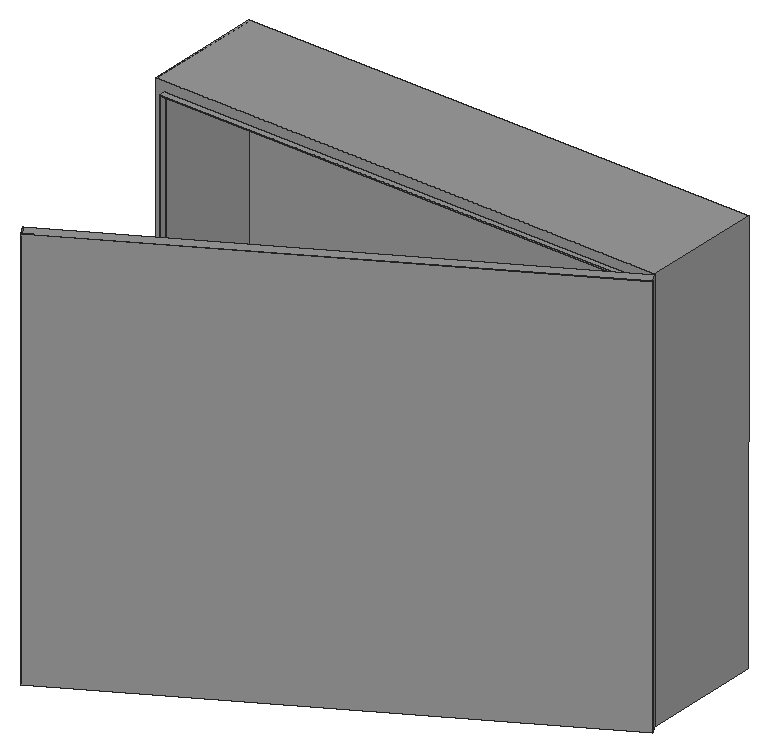
Revit family "Hager-Univers-IP44-D205-H650-Cl.II-Encl-NoHosted-NL-en", category Equipement électrique, Revit 2020
Family settings
  Configuration du panneau = Deux colonnes, circuits au sein
  Cote de connecteur circulaire = Utiliser le diamètre
  Type d'élément = Tableau de raccordement
  Basée sur le plan de construction = Oui
  Toujours verticalement = Oui
  Couper avec des vides une fois chargée = Non
  Partagée = Non
  Point de calcul de pièce = Non
Parameters (values of type "Surface mounted (plaster) IP44 W800 H650 D205  - FP43SN2")
  Width Control [instance] = if([EF000008 - Width] > Min Width, [EF000008 - Width], Min Width)  # 800 mm
  Commentaires du type = [HG000003 - Range]  # "Univers"
  Thickness Door [instance] = if([EF009171 - Material plate thickness door/cover] > 3 mm, 3 mm, [EF009171 - Material plate thickness door/cover])  # 1 mm
  Seal Frame Offset [instance] = 17 mm  # constant formula
  Plinth Visibility [instance] = [HG000027 - Plinth height] > 0 mm  # no
  Min Width [instance] = 100 mm  # constant formula
  Min Depth [instance] = (2 * [EF009170 - Material plate thickness cabinet]) + 1 mm  # 3 mm
  Min Height [instance] = 100 mm  # constant formula
  Internal Frame Depth [instance] = (Door System Depth * 0.5)  # 9 mm
  Panel Name [instance] = ""  # (empty or 0)
  Model = ""
  HG000027 - Plinth height = 0 mm
  HG000026 - Floor standing = no
  HG000024 - Bottom section height = 600 mm
  HG000023 - Double section enclosure = no
  HG000016 - Door 3d visibility [instance] = yes
  HG000015 - Clearance visibility [instance] = no
  HG000014 - Door on the right [instance] = yes
  HG000013 - Door on the left [instance] = not([HG000014 - Door on the right])  # no
  HG000012 - Door swing angle [instance] = 30.00°
  HG000010 - Asymmetric doors = no
  HG000009 - Double swing door = no
  HG000006 - Flush mounted = no
  HG000004 - Manufacturer reference = "FP43SN2"
  HG000003 - Range = "Univers"
  HG000002 - With door or cover = yes
  Frame Offset Bottom [instance] = 10 mm  # constant formula
  Frame Offset [instance] = 15 mm  # constant formula
  EF015940 - Cover with overpressure release = no
  EF011959 - Degree of protection (NEMA) = ""
  EF009554 - Number of openings for flange plates = 6
  EF009212 - Cover model = "EV000116 - Closed"
  EF009171 - Material plate thickness door/cover = 1 mm
  EF009170 - Material plate thickness cabinet = 1 mm
  EF008873 - Nominal current (In) = 250 A
  EF007800 - Suitable for lightning protection = no
  EF006306 - With lock = no
  EF006244 - Transparent cover/door = no
  EF005474 - Degree of protection (IP) = "EV006418 - IP44"
  EF004464 - Type of door = "EV002646 - Single"
  EF004427 - Number of modules = 144
  EF004293 - Impact strength = "EV006815 - IK09"
  EF003532 - Suitable for outdoor use = no
  EF002950 - Width in number of modular spacings = 36
  EF001613 - Circuit integrity = "EV000494 - None"
  EF001596 - Material housing = "EV000179 - Steel"
  EF001131 - Internal depth = 143 mm
  EF001088 - Extension possible = yes
  EF000437 - Number of conduit inlets = 6
  EF000339 - Type of cover = "EV001012 - Cover"
  EF000266 - Number of rows = 4
  EF000218 - Built-in depth = 205 mm
  EF000118 - With mounting plate = no
  EF000116 - RAL-number = "9010"
  EF000049 - Depth = 205 mm
  EF000040 - Height = 650 mm
  EF000008 - Width = 800 mm
  EF000007 - Colour = "EV000202 - White"
  EF000003 - Mounting method = "EV000384 - Surface mounted (plaster)"
  Door System Leaf Tolerance [instance] = 1.5 mm  # constant formula
  Door System Depth [instance] = 18 mm  # constant formula
  Door Height [instance] = Height Control - [HG000027 - Plinth height]  # 650 mm
  Description = ""
  Default Elevation = 1219.2 mm
  Connector Offset [instance] = Height Control / 2  # 325 mm
  Fabricant = "Hager"  # constant formula
  Height Control [instance] = if([EF000040 - Height] > Min Height, [EF000040 - Height], Min Height)  # 650 mm
  Depth Control [instance] = if([EF000049 - Depth] > Min Depth, [EF000049 - Depth], Min Depth)  # 205 mm
  Bottom Top Plate Trim [instance] = 1.5 mm  # constant formula
  Plinth height Ctrl [instance] = if([HG000027 - Plinth height] > 0 mm, [HG000027 - Plinth height], 12 mm)  # 12 mm
Types (7, lengths in mm): name | Width Control | HG000009 - Double swing door | HG000004 - Manufacturer reference | EF009554 - Number of openings for flange plates | EF004464 - Type of door | EF004427 - Number of modules | EF002950 - Width in number of modular spacings | EF000437 - Number of conduit inlets | EF000218 - Built-in depth | EF000008 - Width
  Surface mounted (plaster) IP44 W1050 H650 D205  - FP44QS | 1050 | yes | "FP44QS" | 8 | "EV003602 - Double" | 192 | 48 | 8 | 0 | 1050
  Surface mounted (plaster) IP44 W1300 H650 D205  - FP45QS | 1300 | yes | "FP45QS" | 10 | "EV003602 - Double" | 240 | 60 | 10 | 0 | 1300
  Surface mounted (plaster) IP44 W300 H650 D205  - FP41QS | 300 | no | "FP41QS" | 2 | "EV002646 - Single" | 48 | 12 | 2 | 0 | 300
  Surface mounted (plaster) IP44 W550 H650 D205  - FP42QS | 550 | no | "FP42QS" | 4 | "EV002646 - Single" | 96 | 24 | 4 | 0 | 550
  Surface mounted (plaster) IP44 W550 H650 D205  - FP42SN2 | 550 | no | "FP42SN2" | 4 | "EV002646 - Single" | 96 | 24 | 4 | 205 | 550
  Surface mounted (plaster) IP44 W800 H650 D205  - FP43QS | 800 | no | "FP43QS" | 6 | "EV002646 - Single" | 144 | 36 | 6 | 0 | 800
  Surface mounted (plaster) IP44 W800 H650 D205  - FP43SN2 | 800 | no | "FP43SN2" | 6 | "EV002646 - Single" | 144 | 36 | 6 | 205 | 800
Reference planes
  plane 1 "Center (Front/Back)": y = 0
  plane 2: z = 0
  plane 3 "Center (Left/Right)": x = 0
  plane 4: y = 0
  plane 5: y = 0
  plane 6: z = 0
  plane 7: x = -400
  plane 8: x = 400
  plane 9: x = 399
  plane 10: x = -399
  plane 11: z = 0
  plane 12: z = 1
  plane 13: y = -205
  plane 14: y = -1
  plane 15: x = 0
  plane 16: y = -187
  plane 17: y = -204
  plane 18: y = -186
  plane 19: x = -384
  plane 20: x = 384
  plane 21: z = 11
  plane 22: x = -383
  plane 23: x = 383
  plane 24: z = 0
  plane 25: z = 650
  plane 26: z = 650
  plane 27: z = 634
  plane 28: z = 649
Forms (mm)
  Extrusion 1, solid, material "Hager_Steel_RAL7035_Light_Grey", detail levels medium+fine
    sketch origin (-208.679, -4572, 0) x (-1, 0, 0) y (0, -1, 0)
      loop
        line (191.321, -4385) -> (-608.679, -4385) -> (-608.679, -4572) -> (191.321, -4572) -> (191.321, -4385)
    from 0 to 650
  Extrusion 2, void
    sketch origin (-350.771, -205, 1219.2) x (1, 0, 0) y (0, 0, 1)
      loop
        line (-48.229, -570.2) -> (-48.229, -1218.2) -> (749.771, -1218.2) -> (749.771, -570.2) -> (-48.229, -570.2)
    from -19 to -204
  Extrusion 3, void
    sketch origin (-290.084, -187, 1219.2) x (1, 0, 0) y (0, 0, 1)
      loop
        line (-93.916, -1208.2) -> (674.084, -1208.2) -> (674.084, -585.2) -> (-93.916, -585.2) -> (-93.916, -1208.2)
    from 0 to -1
  Extrusion 4, solid, material "Hager_Steel_RAL7035_Light_Grey", visible <- "Plinth Visibility", detail levels medium+fine
    sketch origin (0, 0, 0) x (1, 0, 0) y (0, 1, 0)
      loop
        line (-400, 0) -> (-400, -187) -> (400, -187) -> (400, 0) -> (-400, 0)
    from 0 to 12 <- "Plinth height Ctrl"
  Extrusion 5, solid, material "Hager_Steel_RAL7035_Light_Grey", detail levels coarse
    sketch origin (0, 0, 0) x (1, 0, 0) y (0, 1, 0)
      loop
        line (-400, 0) -> (-400, -205) -> (400, -205) -> (400, 0) -> (-400, 0)
    from 0 to 650 <- "Height Control"
  Sweep 6, void
    path in 3D
      loop
        line (-400, -187, 12) -> (400, -187, 12) -> (400, 0, 12) -> (-400, 0, 12) -> (-400, -187, 12)
    profile origin (-400, -93.5, 12) x (1, 0, 0) y (0, 0, 1)
      loop
        line (0, 0) -> (0, -1.5) -> (1.5, -1.5)
        arc (1.5, -1.5) -> (1.061, -0.439) -> (0, 0) r 1.5
  Extrusion 7, solid, material "Hager_Steel_RAL7035_Light_Grey", detail levels fine
    sketch origin (-400, -187, 0) x (1, 0, 0) y (0, 0, 1)
      loop
        line (16, 11) -> (784, 11) -> (784, 634) -> (16, 634) -> (16, 11)
      loop
        line (15, 10) -> (785, 10) -> (785, 635) -> (15, 635) -> (15, 10)
    from 0 to 9 <- "Internal Frame Depth"
Cuts and joins
  Extrusion 2, Extrusion 3 cuts Extrusion 1
  Sweep 6 cuts Extrusion 4
Lines and regions (mm)
  Masking region 1
    outline origin (0, 0, 0) x (1, 0, 0) y (0, 1, 0)
      loop
        line (-400, 0) -> (-400, -205) -> (400, -205) -> (400, 0) -> (-400, 0)
  Masking region 2, detail levels coarse
    outline origin (-290.084, -187, 1219.2) x (-1, 0, 0) y (0, 0, 1)
      loop
        line (-690.084, -1219.2) -> (109.916, -1219.2) -> (109.916, -569.2) -> (-690.084, -569.2) -> (-690.084, -1219.2)
  Masking region 3, detail levels coarse
    outline origin (0, 0, 0) x (0, 1, 0) y (0, 0, 1)
      loop
        line (0, 0) -> (0, 650) -> (-205, 650) -> (-205, 0) -> (0, 0)
  Masking region 4, visible <- "Plinth Visibility", detail levels medium+fine
    outline origin (0, 0, 0) x (0, 1, 0) y (0, 0, 1)
      loop
        line (-1.5, 12) -> (-185.5, 12)
        arc (-185.5, 12) -> (-185.939, 10.939) -> (-187, 10.5) r 1.5
        line (-187, 10.5) -> (-187, 0) -> (0, 0) -> (0, 10.5)
        arc (0, 10.5) -> (-1.061, 10.939) -> (-1.5, 12) r 1.5
  Masking region 5, detail levels medium+fine
    outline origin (0, 0, 594.038) x (0, 1, 0) y (0, 0, 1)
      loop
        line (0, -594.038) -> (0, 55.962) -> (-187, 55.962) -> (-187, -594.038) -> (0, -594.038)
  Masking region 6, detail levels medium+fine
    outline origin (-359.7, -187, 1211.883) x (-1, 0, 0) y (0, 0, 1)
      loop
        line (-759.7, -1211.883) -> (40.3, -1211.883) -> (40.3, -561.883) -> (-759.7, -561.883) -> (-759.7, -1211.883)
  Masking region 7, visible <- "Plinth Visibility", detail levels medium+fine
    outline origin (-320.334, -187, 1041.368) x (-1, 0, 0) y (0, 0, 1)
      loop
        line (-720.334, -1041.368) -> (79.666, -1041.368) -> (79.666, -1030.868)
        arc (79.666, -1030.868) -> (78.606, -1030.429) -> (78.166, -1029.368) r 1.5
        line (78.166, -1029.368) -> (-718.834, -1029.368)
        arc (-718.834, -1029.368) -> (-719.273, -1030.429) -> (-720.334, -1030.868) r 1.5
        line (-720.334, -1030.868) -> (-720.334, -1041.368)
  sketch lines
    curve 1: line (-400, 0, 12) -> (-400, -187, 12)
    curve 2: line (-400, -187, 12) -> (400, -187, 12)
    curve 3: line (400, 0, 12) -> (-400, 0, 12)
    curve 4: line (400, -187, 12) -> (400, 0, 12)
Dimensions and locks
  locked: plane 1 "Center (Front/Back)" to plane 5
  "EF009170 - Material plate thickness cabinet": plane 7 to plane 10
  "EF009170 - Material plate thickness cabinet": plane 8 to plane 9
  equal spacing: plane 7, plane 3 "Center (Left/Right)", plane 8
  "Width Control": plane 7 to plane 8
  "Depth Control": plane 4 to plane 13
  "EF009170 - Material plate thickness cabinet": plane 4 to plane 14
  "Height Control": plane 25 to level
  "HG000027 - Plinth height": plane 11 to level
  "EF009170 - Material plate thickness cabinet": plane 12 to plane 11
  "EF009170 - Material plate thickness cabinet": plane 17 to plane 13
  "EF009170 - Material plate thickness cabinet": plane 18 to plane 16
  "Frame Offset Bottom": plane 21 to plane 12
  "Frame Offset": plane 10 to plane 19
  "Frame Offset": plane 9 to plane 20
  "Door System Depth": plane 16 to plane 13
  "Seal Frame Offset": plane 7 to plane 22
  "Seal Frame Offset": plane 8 to plane 23
  "EF009170 - Material plate thickness cabinet": plane 26 to plane 28
  "Frame Offset": plane 28 to plane 27
  "Connector Offset": plane 2 to connector elem
  "Bottom Top Plate Trim": profile plane to Sweep 6 sketch curve
  "Bottom Top Plate Trim": Sweep 6 sketch curve to Sweep 6 sketch curve
  "Plinth height Ctrl": Masking region 4 sketch curve to level
  "Plinth height Ctrl": Masking region 7 sketch curve to level
  "Thickness Door": Extrusion 7 sketch curve to Extrusion 7 sketch curve  (x4)
  "Bottom Top Plate Trim": radius of Sweep 6 sketch curve
  "Bottom Top Plate Trim": radius of Masking region 4 sketch curve  (x2)
  "Bottom Top Plate Trim": radius of Masking region 7 sketch curve  (x2)
  aligned and locked: Extrusion 2 sketch curve to plane 12
  aligned and locked: Extrusion 2 sketch curve to plane 9
  aligned and locked: Extrusion 2 sketch curve to plane 10
  aligned and locked: Extrusion 2 to plane 14
  aligned and locked: Extrusion 1 sketch curve to plane 4
  aligned and locked: plane 8 to Extrusion 1 sketch curve
  aligned and locked: plane 7 to Extrusion 1 sketch curve
  aligned and locked: Extrusion 2 to plane 18
  aligned and locked: Extrusion 3 sketch curve to plane 19
  aligned and locked: plane 20 to Extrusion 3 sketch curve
  aligned and locked: Extrusion 3 to Extrusion 2
  aligned and locked: Extrusion 3 sketch curve to plane 21
  aligned and locked: plane 3 "Center (Left/Right)" to nested 1
  aligned and locked: Extrusion 1 sketch curve to plane 16
  aligned and locked: Extrusion 4 sketch curve to cut or joined group of Extrusion 1, Extrusion 2, Extrusion 3
  aligned and locked: Masking region 1 sketch curve to plane 7
  aligned and locked: Masking region 1 sketch curve to plane 5
  aligned and locked: Masking region 1 sketch curve to plane 8
  aligned and locked: Masking region 2 sketch curve to level
  aligned and locked: level to Masking region 3 sketch curve
  aligned and locked: plane 1 "Center (Front/Back)" to Masking region 3 sketch curve
  aligned and locked: plane 13 to Masking region 3 sketch curve
  aligned and locked: plane 5 to Masking region 4 sketch curve
  aligned and locked: Masking region 2 sketch curve to plane 8
  aligned and locked: Masking region 2 sketch curve to plane 7
  aligned and locked: plane 7 to nested 2
  aligned and locked: nested 2 to plane 5
  aligned and locked: plane 5 to Masking region 5 sketch curve
  aligned and locked: plane 26 to Masking region 5 sketch curve
  aligned and locked: Extrusion 5 sketch curve to plane 8
  aligned and locked: Extrusion 5 sketch curve to plane 7
  aligned and locked: Extrusion 5 sketch curve to plane 5
  aligned and locked: Extrusion 3 sketch curve to plane 27
  aligned and locked: Extrusion 2 sketch curve to plane 28
  aligned and locked: Masking region 2 to plane 25
  aligned and locked: Extrusion 4 to plane 16
  aligned and locked: profile plane to Sweep 6 sketch curve
  aligned and locked: Masking region 5 sketch curve to plane 24
  aligned and locked: level to Masking region 4 sketch curve
  aligned and locked: Masking region 1 to plane 13
  aligned and locked: nested 1 to plane 16
  aligned and locked: Masking region 3 to plane 25
  aligned and locked: plane 16 to Masking region 4 sketch curve
  aligned and locked: Masking region 5 sketch curve to plane 16
  aligned and locked: plane 24 to plane 11
  aligned and locked: plane 26 to plane 25
  aligned and locked: plane 26 to cut or joined group of Extrusion 1, Extrusion 2, Extrusion 3
  aligned and locked: nested 1 to plane 24
  aligned and locked: Extrusion 1 to Extrusion 3
  aligned and locked: Masking region 6 sketch curve to plane 8
  aligned and locked: Masking region 6 sketch curve to plane 24
  aligned and locked: Masking region 6 sketch curve to plane 7
  aligned and locked: Masking region 6 sketch curve to plane 26
  aligned and locked: Masking region 7 sketch curve to plane 7
  aligned and locked: level to Masking region 7 sketch curve
  aligned and locked: Masking region 7 sketch curve to plane 8
  aligned and locked: Extrusion 7 sketch curve to cut or joined group of Extrusion 1, Extrusion 2, Extrusion 3  (x4)
Automatic sketch dimensions
  plane 19 to Extrusion 3 sketch curve = 0 mm
  Extrusion 3 sketch curve to plane 20 = 0 mm
  Extrusion 3 sketch curve to plane 21 = 0 mm
  Extrusion 4 sketch curve to plane 7 = 0 mm
  Extrusion 4 sketch curve to plane 8 = 0 mm
  Extrusion 4 sketch curve to plane 16 = 0 mm
  Masking region 1 sketch curve to plane 13 = 0 mm
  Masking region 2 sketch curve to plane 25 = 0 mm
  Masking region 3 sketch curve to plane 25 = 0 mm
  Extrusion 5 sketch curve to plane 13 = 0 mm
  profile plane to Sweep 6 sketch curve = 0 mm
Nested families
  nested 1: "EC000058_Univers_Door" at (0, -187, 0), Double <- "HG000009 - Double swing door", Transparent <- "EF006244 - Transparent cover/door", Angle <- "HG000012 - Door swing angle", Door_Right <- "HG000014 - Door on the right", Assymetrical <- "HG000010 - Asymmetric doors", Door <- "HG000002 - With door or cover", Width_Ctrl <- "Width Control", 3d_Door <- "HG000016 - Door 3d visibility", Clearance <- "HG000015 - Clearance visibility", Door_Left <- "HG000013 - Door on the left", Width <- "Width Control", Door_Depth <- "Door System Depth", Leaf_Tolerance <- "Door System Leaf Tolerance", Height <- "Door Height", Lock_Visibility <- "EF006306 - With lock", Thickness <- "Thickness Door", type "EC000058_Univers_Door", detail levels medium+fine
    with min_wh 3 mm, Width_Ctrl 800 mm, Width 800 mm, Transparent no, Thickness 1 mm, Seal_Material Hager_Rubber, Lock_Visibility no, Lock_Material Hager_Plastic_RAL9005_Jet_Black, Leaf_Width 800 mm, Leaf_Tolerance_External_Sides 0 mm, Leaf_Tolerance 1.5 mm, Leaf_Offset 0 mm, Leaf_Height 647 mm, Leaf_2_Width 800 mm, Leaf_2_Offset 400 mm, Leaf_1_Width 800 mm, Leaf_1_Offset 400 mm, Height_Ctrl 650 mm, Height 650 mm, Glass_Material Hager_Glass, Double_Clearance_Ctrl no, Double no, Door_Right_Ctrl yes, Door_Right yes, Door_Material Hager_Steel_RAL7035_Light_Grey, Door_Left_Ctrl no, Door_Left no, Door_Depth 18 mm, Door yes, Clearance_Material Hager_Clearance, Clearance_Depth 800 mm, Clearance_Ctrl no, Clearance no, Assymetrical no, Angle 30.00°, 3d_Door yes
  nested 2: "Hager_Enclosure_Symbol" at (-400, 0, 0), Height <- "Depth Control", Width <- "Width Control", type "Hager_Enclosure_Symbol"
    with Width_Ctrl 800 mm, Width 800 mm, Height_Ctrl 205 mm, Height 205 mm, A_Width_Int 13.453 mm, A_Width 161.438 mm, A_Height_Ctrl 179.375 mm, A_Height 179.375 mm
Connectors
  electrical at (0, 0, 325)
    settings: on plane 1 "Center (Front/Back)", index 1, voltage 0 V, apparent load 0 VA, apparent load phase1 0 VA, apparent load phase2 0 VA, apparent load phase3 0 VA, power factor 1, load classification "Other", number of poles 1, system type 30, power factor state 1, is connector primary yes, connector utility no, sub classification motor no, connector description ""
Definition of nested family "EC000058_Univers_Door"
  Parameters (values of type "EC000058_Univers_Door")
    min_wh [instance] = (2 * Thickness) + 1 mm  # 11 mm
    Width_Ctrl [instance] = 400 mm
    Width [instance] = 500 mm
    Transparent [instance] = yes
    Thickness [instance] = 5 mm
    Seal_Material [instance] = none
    Lock_Visibility [instance] = yes
    Lock_Material [instance] = none
    Leaf_Width [instance] = if((Width_Ctrl - 2 * Leaf_Tolerance_External_Sides) > 0 mm, (Width_Ctrl - 2 * Leaf_Tolerance_External_Sides), min_wh)  # 400 mm
    Leaf_Tolerance_External_Sides [instance] = 0 mm  # constant formula
    Leaf_Tolerance [instance] = 1.5 mm
    Leaf_Offset [instance] = 0 mm  # constant formula
    Leaf_Height [instance] = if((Height_Ctrl - 2 * Leaf_Tolerance) > 0 mm, (Height_Ctrl - 2 * Leaf_Tolerance), min_wh)  # 497 mm
    Leaf_2_Width [instance] = if(and(and(Double, Assymetrical), Door_Left), (Leaf_Width / 3) - (Leaf_Tolerance / 2), if(and(and(Double, Assymetrical), Door_Right), (Leaf_Width / 3) * 2 - (Leaf_Tolerance / 2), if(and(Double, not(Assymetrical)), (Leaf_Width / 2) - Leaf_Tolerance, Leaf_Width)))  # 400 mm
    Leaf_2_Offset [instance] = if(and(Double, Assymetrical), Leaf_2_Width / 2, if(and(Double, not(Assymetrical)), Leaf_Width / 4, Leaf_Width / 2))  # 200 mm
    Leaf_1_Width [instance] = if(and(and(Double, Assymetrical), Door_Right), (Leaf_Width / 3) - (Leaf_Tolerance / 2), if(and(and(Double, Assymetrical), Door_Left), (Width / 3) * 2 - (Leaf_Tolerance / 2), if(and(Double, not(Assymetrical)), (Leaf_Width / 2) - Leaf_Tolerance, Leaf_Width)))  # 400 mm
    Leaf_1_Offset [instance] = if(and(Double, Assymetrical), Leaf_1_Width / 2, if(and(Double, not(Assymetrical)), Leaf_Width / 4, Leaf_Width / 2))  # 200 mm
    Height_Ctrl [instance] = if(Height > min_wh, Height, min_wh)  # 500 mm
    Height [instance] = 500 mm
    Glass_Material [instance] = none
    Double_Clearance_Ctrl [instance] = and(Double, Clearance)  # no
    Double [instance] = no
    Door_Right_Ctrl [instance] = and(or(Door_Right, Double), Door)  # yes
    Door_Right [instance] = yes
    Door_Material [instance] = none
    Door_Left_Ctrl [instance] = and(or(Door_Left, Double), Door)  # no
    Door_Left [instance] = no
    Door_Depth [instance] = 30 mm
    Door [instance] = yes
    Default Elevation = 1219.2 mm
    Clearance_Material [instance] = none
    Clearance_Depth [instance] = if(Leaf_1_Width > Leaf_2_Width, Leaf_1_Width, Leaf_2_Width)  # 400 mm
    Clearance_Ctrl [instance] = and(not(Double), Clearance)  # yes
    Clearance [instance] = yes
    Assymetrical [instance] = yes
    Angle [instance] = 30.00°
    3d_Door [instance] = yes
  Reference planes
    plane 1 "Center (Front/Back)": y = 0
    plane 2 "Bottom": z = 0
    plane 3 "Center (Left/Right)": x = 0
    plane 4: z = 500
    plane 5: x = -200
    plane 6: x = 200
    plane 7: z = 500
    plane 8: x = -200
    plane 9: z = 0
    plane 10: x = 200
    plane 11: y = 0
    plane 12: z = 1.5
    plane 13: x = -600
    plane 14: y = -400
    plane 15: x = 600
    plane 16: x = 0
    plane 17: x = 0
    plane 18: x = -200
    plane 19: x = 200
    plane 20: z = 498.5
  Forms (mm)
    Extrusion 1, solid, material <- "Clearance_Material", visible <- "Double_Clearance_Ctrl"
      sketch origin (1200, 0, 0) x (1, 0, 0) y (0, 0, -1)
        loop
          line (-1800, -498.5) -> (-600, -498.5) -> (-600, 0) -> (-1800, 0) -> (-1800, -498.5)
      from 0 to -400
  Dimensions and locks
    equal spacing: plane 5, plane 3 "Center (Left/Right)", plane 6
    "Width_Ctrl": plane 5 to plane 6
    "Leaf_Offset": plane 5 to plane 8
    "Leaf_Offset": plane 6 to plane 10
    "Leaf_Offset": plane 9 to level
    "Leaf_Offset": plane 4 to plane 7
    "Height_Ctrl": plane 4 to level
    "Leaf_Tolerance": plane 12 to plane 9
    locked: plane 11 to plane 1 "Center (Front/Back)"
    "Leaf_1_Offset": plane 18 to plane 16
    "Leaf_2_Offset": plane 17 to plane 19
    "Leaf_1_Width": plane 13 to plane 8
    "Leaf_2_Width": plane 10 to plane 15
    "Clearance_Depth": plane 14 to plane 1 "Center (Front/Back)"
    "Leaf_Tolerance_External_Sides": plane 8 to plane 18
    "Leaf_Tolerance_External_Sides": plane 19 to plane 10
    "Leaf_Tolerance": plane 7 to plane 20
    aligned and locked: level to plane 2 "Bottom"
    aligned and locked: nested 1 to plane 16
    aligned and locked: nested 2 to plane 17
    aligned and locked: Extrusion 1 to plane 13
    aligned and locked: plane 15 to Extrusion 1
    aligned and locked: Extrusion 1 to plane 14
    aligned and locked: plane 12 to nested 1
    aligned and locked: nested 2 to plane 12
    aligned and locked: Extrusion 1 to plane 11
    aligned and locked: plane 20 to Extrusion 1
    aligned and locked: nested 2 to plane 11
    aligned and locked: nested 1 to plane 11
  Automatic sketch dimensions
    Extrusion 1 sketch curve to level = 0 mm
    plane 5 to Extrusion 1 sketch curve = 400 mm
    plane 6 to Extrusion 1 sketch curve = 400 mm
    Extrusion 1 sketch curve to plane 4 = 1.5 mm
  Nested families
    nested 1: "EC000058_Univers_Door_Leaf" at (0, 0, 1.5), Width <- "Leaf_1_Width", visible <- "Door_Left_Ctrl", Leaf_Height <- "Leaf_Height", Angle <- "Angle", 3d_Door <- "3d_Door", Transparent <- "Transparent", Clearance Material <- "Clearance_Material", Clearance <- "Clearance_Ctrl", Door_Material <- "Door_Material", Glass_Material <- "Glass_Material", Door_Depth <- "Door_Depth", Lock_Material <- "Lock_Material", Seal_Material <- "Seal_Material", Lock_Visibility <- "Lock_Visibility", Thickness <- "Thickness", type "EC000058_Univers_Door_Leaf"
      with Width 400 mm, Transparent_Glass_Offset 30 mm, Transparent_Ctrl yes, Transparent yes, Thickness 5 mm, Standard no, Seal_Material none, Seal_D2 8 mm, Seal_D1 1 mm, Offset_Internal_Frame 10 mm, Lock_Width 20 mm, Lock_Visibility_3d yes, Lock_Visibility yes, Lock_Thickness_3 3 mm, Lock_Thickness_2 1 mm, Lock_Thickness_1 3 mm, Lock_Radius_Offset_2 16 mm, Lock_Radius_Offset_1 15 mm, Lock_Radius_2 5 mm, Lock_Radius 6 mm, Lock_Offset 5 mm, Lock_Material none, Lock_Height 80 mm, Lock_Cover_Top_Offset_2d 17 mm, Lock_Cover_Height -65 mm, Leaf_Height 497 mm, Internal_Seal_Thickness 8 mm, Internal_Seal_Depth_2 4.5 mm, Internal_Frame_Depth 25 mm, Glass_Thickness -1 mm, Glass_Offset -2 mm, Glass_Material none, Door_Material none, Door_Depth 30 mm, Clearance Material none, Clearance yes, Angle_Ctrl 30.00°, Angle 30.00°, 3d_Door yes
    nested 2: "EC000058_Univers_Door_Leaf" at (0, 0, 1.5) x (-1, 0, 0) z (0, 0, 1), Width <- "Leaf_2_Width", visible <- "Door_Right_Ctrl", Leaf_Height <- "Leaf_Height", Angle <- "Angle", 3d_Door <- "3d_Door", Transparent <- "Transparent", Clearance Material <- "Clearance_Material", Clearance <- "Clearance_Ctrl", Door_Material <- "Door_Material", Glass_Material <- "Glass_Material", Door_Depth <- "Door_Depth", Lock_Material <- "Lock_Material", Seal_Material <- "Seal_Material", Lock_Visibility <- "Lock_Visibility", Thickness <- "Thickness", type "EC000058_Univers_Door_Leaf"
      with Width 400 mm, Transparent_Glass_Offset 30 mm, Transparent_Ctrl yes, Transparent yes, Thickness 5 mm, Standard no, Seal_Material none, Seal_D2 8 mm, Seal_D1 1 mm, Offset_Internal_Frame 10 mm, Lock_Width 20 mm, Lock_Visibility_3d yes, Lock_Visibility yes, Lock_Thickness_3 3 mm, Lock_Thickness_2 1 mm, Lock_Thickness_1 3 mm, Lock_Radius_Offset_2 16 mm, Lock_Radius_Offset_1 15 mm, Lock_Radius_2 5 mm, Lock_Radius 6 mm, Lock_Offset 5 mm, Lock_Material none, Lock_Height 80 mm, Lock_Cover_Top_Offset_2d 17 mm, Lock_Cover_Height -65 mm, Leaf_Height 497 mm, Internal_Seal_Thickness 8 mm, Internal_Seal_Depth_2 4.5 mm, Internal_Frame_Depth 25 mm, Glass_Thickness -1 mm, Glass_Offset -2 mm, Glass_Material none, Door_Material none, Door_Depth 30 mm, Clearance Material none, Clearance yes, Angle_Ctrl 30.00°, Angle 30.00°, 3d_Door yes
  Definition of nested family "EC000058_Univers_Door_Leaf"
    Parameters (values of type "EC000058_Univers_Door_Leaf")
      Width [instance] = 2000 mm
      Transparent_Glass_Offset [instance] = 30 mm
      Transparent_Ctrl [instance] = and(Transparent, [3d_Door])  # yes
      Transparent [instance] = yes
      Thickness [instance] = 5 mm
      Standard [instance] = and(not(Transparent), [3d_Door])  # no
      Seal_Material [instance] = none
      Seal_D2 [instance] = 8 mm  # constant formula
      Seal_D1 [instance] = 1 mm  # constant formula
      Offset_Internal_Frame [instance] = 10 mm  # constant formula
      Lock_Width [instance] = 20 mm  # constant formula
      Lock_Visibility_3d [instance] = and(Lock_Visibility, [3d_Door])  # yes
      Lock_Visibility [instance] = yes
      Lock_Thickness_3 [instance] = 3 mm  # constant formula
      Lock_Thickness_2 [instance] = 1 mm  # constant formula
      Lock_Thickness_1 [instance] = 3 mm  # constant formula
      Lock_Radius_Offset_2 [instance] = Lock_Radius_Offset_1 + 1 mm  # 16 mm
      Lock_Radius_Offset_1 [instance] = 15 mm  # constant formula
      Lock_Radius_2 [instance] = Lock_Radius - 1 mm  # 5 mm
      Lock_Radius [instance] = 6 mm  # constant formula
      Lock_Offset [instance] = 5 mm  # constant formula
      Lock_Material [instance] = none
      Lock_Height [instance] = 80 mm  # constant formula
      Lock_Cover_Top_Offset_2d [instance] = Lock_Radius_Offset_2 + 1 mm  # 17 mm
      Lock_Cover_Height [instance] = -(Lock_Height - Lock_Radius_Offset_1)  # -65 mm
      Leaf_Height [instance] = 2720.336 mm
      Internal_Seal_Thickness [instance] = 8 mm  # constant formula
      Internal_Seal_Depth_2 [instance] = 4.5 mm  # constant formula
      Internal_Frame_Depth [instance] = if(Door_Depth - Thickness > 5 mm, Door_Depth - Thickness, 5 mm)  # 25 mm
      Glass_Thickness [instance] = if(Thickness > 15 mm, Glass_Offset + 10 mm, -1 mm)  # -1 mm
      Glass_Offset [instance] = if(Thickness > 15 mm, -(Thickness + 10 mm) / 2, -2 mm)  # -2 mm
      Glass_Material [instance] = none
      Door_Material [instance] = none
      Door_Depth [instance] = 30 mm
      Default Elevation = 0 mm
      Clearance Material [instance] = none
      Clearance [instance] = yes
      Angle_Ctrl [instance] = if(Angle > 180.00°, 180.00°, Angle)  # 90.00°
      Angle [instance] = 90.00°
      3d_Door [instance] = yes
    Reference planes
      plane 1 "Center (Front/Back)": y = 0
      plane 2: z = 0
      plane 3 "Center (Left/Right)": x = 0
      plane 4: y = 2000
      plane 5: x = -1000
      plane 6: x = 1000
      plane 7: x = -3000
      plane 8: z = 2720.336
      plane 9: z = 30
      plane 10: z = 2690.336
      plane 11: x = 970
      plane 12: x = -970
      plane 13: y = -3
      plane 14: z = 107.833
      plane 15: y = -5
      plane 16: y = -223.314
      plane 17: x = -1000
      plane 18: z = 1360.168
      plane 19: y = 30
    Forms (mm)
      Extrusion 1, solid, material <- "Clearance Material", visible <- "Clearance"
        sketch origin (0, 0, 0) x (1, 0, 0) y (0, 0, 1)
          loop
            line (-3000, 2720.336) -> (-3000, 0) -> (1000, 0) -> (1000, 2720.336) -> (-3000, 2720.336)
        from 0 to -2000
      Extrusion 2, solid, material <- "Door_Material", visible <- "Standard", detail levels medium+fine
        sketch origin (-1000, 0, 0) x (0, 1, 0) y (-1, 0, 0)
          loop
            line (0, 30) -> (0, 25) -> (2000, 25) -> (2000, 30) -> (0, 30)
        from 0 to 2720.336 <- "Leaf_Height"
      Extrusion 3, solid, material <- "Door_Material", visible <- "Transparent_Ctrl", detail levels medium+fine
        sketch origin (-1000, 0, 0) x (0, 1, 0) y (-1, 0, 0)
          loop
            line (0, 25) -> (2000, 25) -> (2000, 30) -> (0, 30) -> (0, 25)
        from 0 to 2720.336 <- "Leaf_Height"
      Extrusion 4, void
        sketch origin (-1025, 2000, 0) x (0, 1, 0) y (0, 0, -1)
          loop
            line (-30, -2690.336) -> (-30, -30) -> (-1970, -30) -> (-1970, -2690.336) -> (-30, -2690.336)
        from 0 to 5 <- "Thickness"
      Sweep 5, solid, material <- "Seal_Material", visible <- "Transparent_Ctrl", detail levels fine
        path in 3D
          loop
            line (-1025, 30, 30) -> (-1025, 30, 2690.336) -> (-1025, 1970, 2690.336) -> (-1025, 1970, 30) -> (-1025, 30, 30)
        profile origin (-1025, 1000, 30) x (1, 0, 0) y (0, 0, 1)
          loop
            line (0, 0) -> (0, -8) -> (1, -8) -> (1, 0) -> (0, 0)
      Extrusion 6, solid, material <- "Glass_Material", visible <- "Transparent_Ctrl", detail levels medium+fine
        sketch origin (-1030, 0, 0) x (0, 1, 0) y (0, 0, -1)
          loop
            line (1970, -2690.336) -> (1970, -30) -> (30, -30) -> (30, -2690.336) -> (1970, -2690.336)
        from -2 <- "Glass_Offset" to -1 <- "Glass_Thickness"
      Extrusion 7, solid, material <- "Door_Material", visible <- "3d_Door", detail levels medium+fine
        sketch origin (-1025, 2000, 0) x (0, -1, 0) y (0, 0, -1)
          loop
            line (0, -2720.336) -> (2000, -2720.336) -> (2000, 0) -> (0, 0) -> (0, -2720.336)
          loop
            line (1995, -5) -> (5, -5) -> (5, -2715.336) -> (1995, -2715.336) -> (1995, -5)
        from 0 to 25 <- "Internal_Frame_Depth"
      Sweep 8, solid, material <- "Seal_Material", visible <- "Transparent_Ctrl", detail levels fine
        path in 3D
          loop
            line (-1025, 0, 0) -> (-1025, 2000, 0) -> (-1025, 2000, 2720.336) -> (-1025, 0, 2720.336) -> (-1025, 0, 0)
        profile origin (-1025, 0, 1360.168) x (1, 0, 0) y (0, 1, 0)
          loop
            line (0, 10) -> (2.975, 10)
            arc (2.975, 10) -> (4.053, 10.447) -> (4.5, 11.525) r 1.525
            line (4.5, 11.525) -> (4.5, 16.527)
            arc (4.5, 16.527) -> (4.069, 17.569) -> (3.027, 18) r 1.473
            line (3.027, 18) -> (0, 18) -> (0, 10)
      Extrusion 9, solid, material <- "Lock_Material", visible <- "Lock_Visibility_3d", detail levels fine
        sketch origin (-1030, 0, 0) x (0, 1, 0) y (0, 0, -1)
          loop
            arc (1993.5, -1400.168) -> (1994.561, -1399.729) -> (1995, -1398.668) r 1.5
            line (1995, -1398.668) -> (1995, -1320.168) -> (1975, -1320.168) -> (1975, -1398.668)
            arc (1975, -1398.668) -> (1975.439, -1399.729) -> (1976.5, -1400.168) r 1.5
            line (1976.5, -1400.168) -> (1993.5, -1400.168)
        from 3 <- "Lock_Thickness_1" to 0
      Blend 10, solid, material <- "Lock_Material", visible <- "Lock_Visibility_3d", detail levels fine
        base sketch origin (-1033, 0, 0) x (0, 1, 0) y (0, 0, -1)
          loop
            line (1975, -1320.168) -> (1975, -1398.668)
            arc (1975, -1398.668) -> (1975.439, -1399.729) -> (1976.5, -1400.168) r 1.5
            line (1976.5, -1400.168) -> (1993.5, -1400.168)
            arc (1993.5, -1400.168) -> (1994.561, -1399.729) -> (1995, -1398.668) r 1.5
            line (1995, -1398.668) -> (1995, -1320.168) -> (1975, -1320.168)
        top sketch origin (-1033, 0, 0) x (0, 1, 0) y (0, 0, -1)
          loop
            line (1976, -1320.168) -> (1976, -1398.668)
            arc (1976, -1398.668) -> (1976.146, -1399.022) -> (1976.5, -1399.168) r 0.5
            line (1976.5, -1399.168) -> (1993.5, -1399.168)
            arc (1993.5, -1399.168) -> (1993.854, -1399.022) -> (1994, -1398.668) r 0.5
            line (1994, -1398.668) -> (1994, -1320.168) -> (1976, -1320.168)
        from 0 to 1 <- "Lock_Thickness_2"
      Blend 11, solid, material <- "Lock_Material", visible <- "Lock_Visibility_3d", detail levels fine
        base sketch origin (-1034, 0, 0) x (0, 1, 0) y (0, 0, -1)
          loop
            line (1978, -1320.168) -> (1978, -1384.168)
            arc (1978, -1384.168) -> (1985, -1391.168) -> (1992, -1384.168) r 7
            line (1992, -1384.168) -> (1992, -1320.168) -> (1978, -1320.168)
        top sketch origin (-1034, 0, 0) x (0, 1, 0) y (0, 0, -1)
          loop
            line (1991, -1320.168) -> (1979, -1320.168) -> (1979, -1383.168)
            arc (1979, -1383.168) -> (1985, -1389.168) -> (1991, -1383.168) r 6
            line (1991, -1383.168) -> (1991, -1320.168)
        from 0 to 3 <- "Lock_Thickness_3"
      Extrusion 12, solid, material <- "Lock_Material", visible <- "Lock_Visibility_3d", detail levels fine
        sketch origin (-1030, 1975, 1320.168) x (1, 0, 0) y (0, -1, 0)
          loop
            line (-7, -19) -> (-7, -1) -> (0, -1) -> (0, 0) -> (-8, 0) -> (-8, -20) -> (0, -20) -> (0, -19) -> (-7, -19)
        from 0 to -65 <- "Lock_Cover_Height"
      Extrusion 13, void
        sketch origin (-1038, 1995, 1320.168) x (-1, 0, 0) y (0, 0, -1)
          loop
            line (-5, -65) -> (0, -65) -> (-5, -60) -> (-5, -65)
        from 0 to 20 <- "Lock_Width"
      Extrusion 14, void
        sketch origin (-1038, 1975, 1320.168) x (0, -1, 0) y (0, 0, -1)
          loop
            circle (-10, -15.995) r 6
          loop
            circle (-10, -15.995) r 5
        from 0 to 2
      Extrusion 15, solid, material <- "Lock_Material", visible <- "Lock_Visibility_3d", detail levels medium
        sketch origin (-1030, 0, 0) x (0, 1, 0) y (0, 0, -1)
          loop
            arc (1993.5, -1400.168) -> (1994.561, -1399.729) -> (1995, -1398.668) r 1.5
            line (1995, -1398.668) -> (1995, -1320.168) -> (1975, -1320.168) -> (1975, -1398.668)
            arc (1975, -1398.668) -> (1975.439, -1399.729) -> (1976.5, -1400.168) r 1.5
            line (1976.5, -1400.168) -> (1993.5, -1400.168)
        from 8 to 0
    Cuts and joins
      Extrusion 4 cuts Extrusion 3
      Extrusion 13, Extrusion 14 cuts Extrusion 9
      Extrusion 14 cuts Blend 11
      Extrusion 13, Extrusion 14 cuts Extrusion 12
      joined: Extrusion 9, Blend 10, Blend 11, Extrusion 12
      Extrusion 14 cuts Extrusion 15
    Lines and regions (mm)
      Masking region 1, visible <- "Lock_Visibility", detail levels fine
        outline origin (0, 0, 0) x (0, 1, 0) y (0, 0, 1)
          loop
            line (30, 1320.168) -> (33, 1320.168) -> (33, 1400.168) -> (30, 1400.168) -> (30, 1320.168)
      Masking region 2, visible <- "Lock_Visibility", detail levels fine
        outline origin (0, 3.143, 0) x (0, 1, 0) y (0, 0, 1)
          loop
            line (29.857, 1354.168) -> (30.857, 1354.168) -> (30.857, 1366.168) -> (29.857, 1366.168) -> (29.857, 1354.168)
      Masking region 3, detail levels medium+fine
        outline origin (0, 0, 0) x (0, 1, 0) y (0, 0, 1)
          loop
            line (0, 0) -> (30, 0) -> (30, 2720.336) -> (0, 2720.336) -> (0, 0)
      Masking region 4, detail levels medium+fine
        outline origin (0, 0, 0) x (1, 0, 0) y (0, 0, 1)
          loop
            line (-1000, 2720.336) -> (-1000, 0) -> (1000, 0) -> (1000, 2720.336) -> (-1000, 2720.336)
      Masking region 5, visible <- "Lock_Visibility", detail levels fine
        outline origin (-47.116, 0, 0) x (1, 0, 0) y (0, 0, 1)
          loop
            arc (1024.616, 1399.168) -> (1023.556, 1398.729) -> (1023.116, 1397.668) r 1.5
            line (1023.116, 1397.668) -> (1023.116, 1320.168) -> (1041.116, 1320.168) -> (1041.116, 1397.668)
            arc (1041.116, 1397.668) -> (1040.677, 1398.729) -> (1039.616, 1399.168) r 1.5
            line (1039.616, 1399.168) -> (1024.616, 1399.168)
      Masking region 6, visible <- "Lock_Visibility", detail levels medium+fine
        outline origin (-25, 0, 0) x (1, 0, 0) y (0, 0, 1)
          loop
            arc (1001.5, 1400.168) -> (1000.439, 1399.729) -> (1000, 1398.668) r 1.5
            line (1000, 1398.668) -> (1000, 1320.168) -> (1020, 1320.168) -> (1020, 1398.668)
            arc (1020, 1398.668) -> (1019.561, 1399.729) -> (1018.5, 1400.168) r 1.5
            line (1018.5, 1400.168) -> (1001.5, 1400.168)
      Masking region 7, visible <- "Lock_Visibility", detail levels fine
        outline origin (-73.735, 0, 0) x (1, 0, 0) y (0, 0, 1)
          loop
            line (1051.735, 1382.168) -> (1065.735, 1382.168) -> (1065.735, 1384.168)
            arc (1065.735, 1384.168) -> (1058.735, 1391.168) -> (1051.735, 1384.168) r 7
            line (1051.735, 1384.168) -> (1051.735, 1382.168)
      Masking region 8, visible <- "Lock_Visibility", detail levels fine
        outline origin (-73.735, 0, 0) x (1, 0, 0) y (0, 0, 1)
          loop
            line (1052.735, 1382.168) -> (1064.735, 1382.168) -> (1064.735, 1383.168)
            arc (1064.735, 1383.168) -> (1058.735, 1389.168) -> (1052.735, 1383.168) r 6
            line (1052.735, 1383.168) -> (1052.735, 1382.168)
      Masking region 9, visible <- "Lock_Visibility", detail levels fine
        outline origin (-25, 0, 0) x (1, 0, 0) y (0, 0, 1)
          loop
            line (1020, 1320.168) -> (1020, 1382.168) -> (1000, 1382.168) -> (1000, 1320.168) -> (1020, 1320.168)
      Masking region 10, detail levels medium+fine
        outline origin (0, 0, 0) x (1, 0, 0) y (0, 0, 1)
          loop
            circle (985, 1335.144) r 6
      Masking region 11, detail levels fine
        outline origin (0, 0, 0) x (1, 0, 0) y (0, 0, 1)
          loop
            circle (985, 1335.144) r 5
      Masking region 12, visible <- "Lock_Visibility", detail levels fine
        outline origin (0, 12.767, 0) x (0, 1, 0) y (0, 0, 1)
          loop
            line (20.233, 1320.168) -> (21.233, 1320.168) -> (21.233, 1399.168) -> (20.233, 1400.168) -> (20.233, 1320.168)
      Masking region 13, visible <- "Lock_Visibility", detail levels fine
        outline origin (0, 13.767, -10) x (0, 1, 0) y (0, 0, 1)
          loop
            line (20.233, 1330.168) -> (23.233, 1330.168) -> (23.233, 1399.168) -> (20.233, 1402.168) -> (20.233, 1330.168)
      Masking region 14, visible <- "Lock_Visibility", detail levels fine
        outline origin (0, 12.767, -10) x (0, 1, 0) y (0, 0, 1)
          loop
            line (20.233, 1330.168) -> (25.233, 1330.168) -> (25.233, 1399.305) -> (20.233, 1394.305) -> (20.233, 1330.168)
      Masking region 15, visible <- "Lock_Visibility", detail levels medium
        outline origin (0, 0, 0) x (0, 1, 0) y (0, 0, 1)
          loop
            line (30, 1320.168) -> (38, 1320.168) -> (38, 1400.168) -> (30, 1400.168) -> (30, 1320.168)
      Masking region 16, visible <- "Lock_Visibility", detail levels fine
        outline origin (-1000, 0, 0) x (0, 1, 0) y (-1, 0, 0)
          loop
            line (1975, 30) -> (1995, 30) -> (1995, 38) -> (1975, 38) -> (1975, 30)
          loop
            line (1979, 37) -> (1976, 37) -> (1976, 34) -> (1978, 34) -> (1979, 37)
          loop
            line (1994, 37) -> (1991, 37) -> (1992, 34) -> (1994, 34) -> (1994, 37)
      Masking region 17, visible <- "Lock_Visibility", detail levels medium
        outline origin (-1000, 0, 0) x (0, 1, 0) y (-1, 0, 0)
          loop
            line (1975, 30) -> (1995, 30) -> (1995, 38) -> (1975, 38) -> (1975, 30)
      symbolic lines
        curve 1: line (1000, 0, 0) -> (-3000, 0, 0)
        curve 2: arc (1000, 0, 0) -> (-1000, 2000, 0) -> (-3000, 0, 0) r 2000
        curve 4: line (-1030, 0, 0) -> (-1030, 2000, 0)
      reference lines
        curve 3: line (-1000, 0, 0) -> (-1000, 2000, 0)
      symbolic lines, detail levels medium+fine
        curve 5: line (-1030, 2000, 0) -> (-1025, 2000, 0)
        curve 7: line (-1025, 0, 0) -> (-1030, 0, 0)
        curve 8: line (-1025, 0, 0) -> (-1000, 0, 0)
        curve 9: line (-1000, 0, 0) -> (-1000, 2000, 0)
        curve 10: line (-1000, 2000, 0) -> (-1025, 2000, 0)
      symbolic lines, detail levels fine
        curve 6: line (-1025, 2000, 0) -> (-1025, 0, 0)
      sketch lines
        curve 11: line (-1025, 0, 2720.336) -> (-1025, 0, 0)
        curve 12: line (-1025, 2000, 0) -> (-1025, 0, 0)
        curve 13: line (-1025, 2000, 2720.336) -> (-1025, 2000, 0)
        curve 14: line (-1025, 0, 2720.336) -> (-1025, 2000, 2720.336)
        curve 15: line (-1025, 1970, 30) -> (-1025, 30, 30)
        curve 16: line (-1025, 30, 30) -> (-1025, 30, 2690.336)
        curve 17: line (-1025, 1970, 2690.336) -> (-1025, 1970, 30)
        curve 18: line (-1025, 30, 2690.336) -> (-1025, 1970, 2690.336)
      symbolic lines, visible <- "Transparent", detail levels medium+fine
        curve 19: line (-970, 0, 2690.336) -> (970, 0, 2690.336)
        curve 20: line (-970, 0, 30) -> (-970, 0, 2690.336)
        curve 21: line (970, 0, 30) -> (-970, 0, 30)
        curve 22: line (970, 0, 2690.336) -> (970, 0, 30)
    Dimensions and locks
      "Width": plane 1 "Center (Front/Back)" to plane 4
      equal spacing: plane 5, plane 3 "Center (Left/Right)", plane 6
      "Width": plane 5 to plane 6
      "Width": plane 7 to plane 5
      "Leaf_Height": plane 8 to level
      "Width": curve 5 to curve 3
      "Width": curve 3 to curve 3
      plane 8 to plane 10 = 30 mm
      plane 9 to level = 30 mm
      plane 12 to plane 5 = 30 mm
      plane 6 to plane 11 = 30 mm
      Extrusion 1 to Extrusion 4 sketch curve = 30 mm
      "Transparent_Glass_Offset": curve 3 to Extrusion 4 sketch curve
      "Transparent_Glass_Offset": Extrusion 4 sketch curve to cut or joined group of Extrusion 3, Extrusion 4  (x2)
      cut or joined group of Extrusion 3, Extrusion 4 to Extrusion 6 sketch curve = 30 mm
      "Transparent_Glass_Offset": cut or joined group of Extrusion 3, Extrusion 4 to Extrusion 4 sketch curve
      "Thickness": curve 6 to curve 4
      "Thickness": Extrusion 7 sketch curve to Extrusion 7 sketch curve  (x4)
      "Door_Depth": curve 4 to curve 3
      "Offset_Internal_Frame": profile plane to Sweep 8 sketch curve
      "Internal_Seal_Thickness": Sweep 8 sketch curve to Sweep 8 sketch curve
      "Internal_Seal_Depth_2": profile plane to Sweep 8 sketch curve
      "Seal_D1": profile plane to Sweep 5 sketch curve
      "Seal_D2": profile plane to Sweep 5 sketch curve
      "Thickness": Extrusion 2 sketch curve to Extrusion 2 sketch curve
      equal spacing: Extrusion 9 sketch curve, plane 18, Extrusion 9 sketch curve  (x2)
      equal spacing: Masking region 1 sketch curve, plane 18, Masking region 1 sketch curve
      "Lock_Height": Masking region 1 sketch curve to Masking region 1 sketch curve
      "Lock_Radius": Masking region 2 sketch curve to plane 18 to Masking region 2 sketch curve
      Masking region 2 sketch curve to Masking region 1 = 1 mm
      "Door_Depth": plane 19 to plane 1 "Center (Front/Back)"
      "Lock_Thickness_1": Masking region 1 sketch curve to plane 19
      "Lock_Width": Extrusion 9 sketch curve to Extrusion 9 sketch curve
      "Lock_Height": Extrusion 9 sketch curve to Extrusion 9 sketch curve
      "Lock_Offset": cut or joined group of Extrusion 3, Extrusion 4 to Extrusion 9 sketch curve
      equal spacing: plane 8, plane 18, level
      "Lock_Radius_Offset_1": Blend 11 sketch curve to Blend 10
      locked: Blend 10 to Blend 11 sketch curve at 2  (x2)
      locked: var sketch to Blend 11 sketch curve at 1  (x2)
      "Lock_Radius_Offset_2": Blend 11 sketch curve to Blend 10
      locked: Extrusion 12 sketch curve to Extrusion 12 sketch curve at 1  (x3)
      Masking region 6 sketch curve to Masking region 6 sketch curve = 80 mm
      "Lock_Height": Masking region 6 sketch curve to Masking region 6 sketch curve
      "Lock_Width": Masking region 6 sketch curve to Masking region 6 sketch curve
      locked: Masking region 6 to Masking region 5 sketch curve at 1  (x3)
      locked: Masking region 5 to Masking region 7 sketch curve at 2  (x2)
      "Lock_Radius_Offset_1": Masking region 5 to Masking region 7 sketch curve
      "Lock_Radius_Offset_2": Masking region 5 to Masking region 8 sketch curve
      locked: Masking region 7 to Masking region 8 sketch curve at 1  (x2)
      "Lock_Cover_Top_Offset_2d": Masking region 5 to Masking region 9 sketch curve
      equal spacing: Masking region 9, Masking region 10 sketch curve, Masking region 9
      equal spacing: Masking region 9, Masking region 11 sketch curve, Masking region 9
      Extrusion 15 sketch curve to Extrusion 15 sketch curve = 80 mm
      "Lock_Width": Extrusion 15 sketch curve to Extrusion 15 sketch curve
      "Lock_Height": Extrusion 15 sketch curve to Extrusion 15 sketch curve
      equal spacing: Extrusion 15 sketch curve, plane 18, Extrusion 15 sketch curve
      "Lock_Thickness_3": Masking region 13 sketch curve to Masking region 13 sketch curve
      "Lock_Height": Masking region 12 sketch curve to Masking region 12 sketch curve
      locked: Masking region 13 sketch curve to Masking region 1 at 8
      locked: Masking region 14 sketch curve to Masking region 13 at 1
      locked: Masking region 14 sketch curve to Masking region 1 at 10.863
      "Lock_Height": Masking region 15 sketch curve to Masking region 15 sketch curve
      "Lock_Offset": Extrusion 15 sketch curve to cut or joined group of Extrusion 3, Extrusion 4
      "Lock_Offset": plane 6 to Masking region 6 sketch curve
      radius of Sweep 8 sketch curve = 1.525 mm
      radius of Sweep 8 sketch curve = 1.473 mm
      radius of Extrusion 9 sketch curve = 1.5 mm  (x2)
      "Lock_Radius": radius of Extrusion 14 sketch curve
      "Lock_Radius_2": radius of Extrusion 14 sketch curve
      "Lock_Radius": radius of Masking region 10 sketch curve
      "Lock_Radius_2": radius of Masking region 11 sketch curve
      radius of Extrusion 15 sketch curve = 1.5 mm  (x2)
      "Angle_Ctrl": angle plane 1 "Center (Front/Back)" to curve 3
      locked: Masking region 12 sketch curve to Masking region 12 sketch curve (angle 45.00°)
      locked: Masking region 13 sketch curve to Masking region 13 sketch curve (angle 45.00°)
      locked: Masking region 14 sketch curve to Masking region 14 sketch curve (angle 45.00°)
      aligned and locked: level to plane 2
      aligned and locked: Extrusion 1 to curve 1
      aligned and locked: plane 6 to Extrusion 1
      aligned and locked: Extrusion 1 to plane 1 "Center (Front/Back)"
      aligned and locked: plane 4 to Extrusion 1
      aligned and locked: plane 8 to Extrusion 1
      aligned and locked: curve 7 to Extrusion 2 sketch curve
      aligned and locked: curve 5 to Extrusion 2 sketch curve
      aligned and locked: curve 7 to Extrusion 3 sketch curve
      aligned and locked: Extrusion 3 sketch curve to curve 4
      aligned and locked: Extrusion 3 sketch curve to curve 6
      aligned and locked: Extrusion 3 sketch curve to curve 5
      aligned and locked: curve 9 to curve 3
      aligned and locked: Extrusion 7 sketch curve to cut or joined group of Extrusion 3, Extrusion 4  (x4)
      aligned and locked: plane 17 to curve 3
      aligned and locked: plane 1 "Center (Front/Back)" to curve 3
      aligned and locked: plane 17 to plane 5
      aligned and locked: Sweep 8 sketch curve to profile plane
      aligned and locked: Sweep 5 sketch curve to profile plane  (x2)
      aligned and locked: Masking region 1 to Masking region 2 sketch curve
      aligned and locked: plane 19 to Masking region 1 sketch curve
      aligned and locked: plane 1 "Center (Front/Back)" to Masking region 3 sketch curve
      aligned and locked: plane 19 to Masking region 3 sketch curve
      aligned and locked: level to Masking region 3 sketch curve
      aligned and locked: Masking region 3 sketch curve to plane 8
      aligned and locked: plane 17 to Masking region 4 sketch curve
      aligned and locked: level to Masking region 4 sketch curve
      aligned and locked: Masking region 4 sketch curve to plane 8
      aligned and locked: plane 12 to curve 20
      aligned and locked: plane 10 to curve 19
      aligned and locked: plane 11 to curve 22
      aligned and locked: curve 21 to plane 9
      aligned and locked: Extrusion 2 sketch curve to cut or joined group of Extrusion 3, Extrusion 4
      aligned and locked: Blend 10 sketch curve to Extrusion 9  (x4)
      aligned and locked: Extrusion 9 to Blend 10 sketch curve
      aligned and locked: Blend 10 to Blend 11 sketch curve
      aligned and locked: Extrusion 12 sketch curve to Blend 11
      aligned and locked: Extrusion 12 sketch curve to Extrusion 9  (x4)
      aligned and locked: Masking region 5 sketch curve to Masking region 6
      aligned and locked: Masking region 9 sketch curve to Masking region 6  (x3)
      aligned and locked: Masking region 12 sketch curve to Masking region 1
      aligned and locked: Masking region 13 sketch curve to Masking region 1
      aligned and locked: Masking region 12 to Masking region 14
      aligned and locked: Masking region 14 sketch curve to Masking region 1
      aligned and locked: Masking region 15 sketch curve to Masking region 14
      aligned and locked: Masking region 13 sketch curve to Masking region 12
      aligned and locked: Masking region 16 sketch curve to cut or joined group of Extrusion 14, Extrusion 15  (x4)
      aligned and locked: Masking region 16 sketch curve to cut or joined group of Extrusion 9, Blend 10, Blend 11, Extrusion 12, Extrusion 13, Extrusion 14  (x6)
      aligned and locked: cut or joined group of Extrusion 9, Blend 10, Blend 11, Extrusion 12, Extrusion 13, Extrusion 14 to Masking region 16 sketch curve
      aligned and locked: Masking region 17 sketch curve to cut or joined group of Extrusion 14, Extrusion 15  (x3)
      aligned and locked: Masking region 17 sketch curve to cut or joined group of Extrusion 9, Blend 10, Blend 11, Extrusion 12, Extrusion 13, Extrusion 14
      aligned and locked: Masking region 9 to Masking region 8 sketch curve
      aligned and locked: Masking region 9 to Masking region 7 sketch curve
    Automatic sketch dimensions
      plane 1 "Center (Front/Back)" to curve 2 = 0 mm
      curve 2 to plane 5 = 0 mm
      Extrusion 1 sketch curve to level = 0 mm
      Extrusion 1 sketch curve to plane 7 = 0 mm
      Extrusion 1 sketch curve to plane 6 = 0 mm
      Extrusion 1 sketch curve to plane 8 = 0 mm
      Extrusion 3 to Extrusion 6 sketch curve = 30 mm  (x4)
      Masking region 4 sketch curve to plane 6 = 0 mm
      Blend 10 sketch curve to Extrusion 9 = 1.5 mm
      Blend 10 sketch curve to Extrusion 9 = 1 mm
      Extrusion 13 sketch curve to Extrusion 12 = 0 mm  (x2)
      Extrusion 12 to Extrusion 13 sketch curve = 3 mm
      Extrusion 13 sketch curve to Extrusion 12 = 5 mm
      Extrusion 14 sketch curve to Extrusion 14 sketch curve = 0 mm  (x2)
      Extrusion 14 sketch curve to Extrusion 12 = 10 mm
      Extrusion 14 sketch curve to Extrusion 12 = 15.995 mm
      Masking region 5 sketch curve to Masking region 5 sketch curve = 1.5 mm  (x2)
      Masking region 10 sketch curve to plane 18 = 25.024 mm
      Masking region 11 sketch curve to plane 18 = 25.024 mm
      plane 19 to Masking region 14 sketch curve = 3 mm
      Masking region 16 sketch curve to Masking region 16 sketch curve = 3 mm
      curve 4 to curve 3 = 0 mm
      Blend 10 to Blend 11 sketch curve = 0 mm
      Masking region 6 sketch curve to Masking region 6 sketch curve = 1.5 mm  (x2)
      Masking region 6 sketch curve to plane 18 = 40 mm
      plane 19 to Masking region 12 sketch curve = 3 mm
      Masking region 12 sketch curve to Masking region 12 sketch curve = 1 mm
      Masking region 15 sketch curve to plane 19 = 0 mm
      Masking region 15 sketch curve to plane 18 = 40 mm
      radius of Blend 10 sketch curve to Extrusion 9 = 1 mm
Definition of nested family "Hager_Enclosure_Symbol"
  Parameters (values of type "Hager_Enclosure_Symbol")
    Width_Ctrl [instance] = if(Width > 1 mm, Width, 1 mm)  # 102.27 mm
    Width [instance] = 102.27 mm
    Height_Ctrl [instance] = if(Height > 1 mm, Height, 1 mm)  # 66.5 mm
    A_Width_Int [instance] = if(A_Width / 12 > 2 mm, A_Width / 12, 2 mm)  # 4.364 mm
    A_Width [instance] = if(A_Height_Ctrl * 0.9 > 2 mm, A_Height_Ctrl * 0.9, 2 mm)  # 52.369 mm
    A_Height_Ctrl [instance] = if(A_Height > 2 mm, A_Height, 2 mm)  # 58.188 mm
    Height [instance] = 66.5 mm
    A_Height [instance] = Height - (Height / 8)  # 58.188 mm
  Reference planes
    plane 1 "Centre (avant/arrière)": y = 0
    plane 2: z = 0
    plane 3 "Centre (gauche/droite)": x = 0
    plane 4: x = 52.369
    plane 5: y = 33.042
    plane 6: y = 41.77
    plane 7: y = 66.5
    plane 8: x = 26.184
    plane 9: y = 37.406
    plane 10: x = 102.27
    plane 11: y = 66.5
    plane 12: y = 8.313
  Lines and regions (mm)
    Filled region 1, type "Solid_Black", in view "Niveau de réf."
      outline origin (0, 0, 0) x (1, 0, 0) y (0, 1, 0)
        loop
          line (52.369, 66.5) -> (33.188, 54.536) -> (45.365, 45.006) -> (52.369, 66.5)
    Filled region 2, type "Solid_Black", in view "Niveau de réf."
      outline origin (0, 0, 0) x (1, 0, 0) y (0, 1, 0)
        loop
          line (0, 0) -> (102.27, 0) -> (102.27, 66.5) -> (0, 0)
    detail lines, in view "Niveau de réf."
      curve 1: line (0, 8.313, 0) -> (26.184, 41.77, 0)
      curve 2: line (26.184, 41.77, 0) -> (26.184, 33.042, 0)
      curve 3: line (26.184, 33.042, 0) -> (52.369, 66.5, 0)
  Dimensions and locks
    "A_Width": plane 3 "Centre (gauche/droite)" to plane 4
    equal spacing: plane 3 "Centre (gauche/droite)", plane 8, plane 4
    equal spacing: plane 6, plane 9, plane 5
    equal spacing: curve 3, Filled region 1 sketch curve, Filled region 1 sketch curve
    "Height_Ctrl": plane 1 "Centre (avant/arrière)" to plane 11
    "A_Height_Ctrl": plane 11 to plane 12
    equal spacing: plane 11, plane 9, plane 12
    "A_Width_Int": plane 6 to plane 9
    "Width_Ctrl": plane 3 "Centre (gauche/droite)" to plane 10
    angle Filled region 1 sketch curve to curve 3 = 20.00°
    angle curve 3 to Filled region 1 sketch curve = 20.00°
    locked: curve 3 to Filled region 1 sketch curve (angle 90.00°)
    aligned and locked: plane 10 to Filled region 2
    aligned and locked: plane 11 to Filled region 2 sketch curve
    aligned and locked: plane 10 to Filled region 2 sketch curve
    aligned and locked: plane 3 "Centre (gauche/droite)" to curve 1
    aligned and locked: plane 12 to curve 1
    aligned and locked: plane 7 to plane 11
  Automatic sketch dimensions
    Filled region 1 sketch curve to plane 4 = 0 mm
    Filled region 1 sketch curve to plane 7 = 0 mm
    plane 1 "Centre (avant/arrière)" to Filled region 2 sketch curve = 0 mm
    Filled region 2 sketch curve to plane 3 "Centre (gauche/droite)" = 0 mm
    curve 2 to plane 6 = 0 mm
    curve 2 to plane 8 = 0 mm
    curve 3 to plane 4 = 0 mm
    curve 2 to plane 5 = 0 mm
    curve 3 to plane 7 = 0 mm
